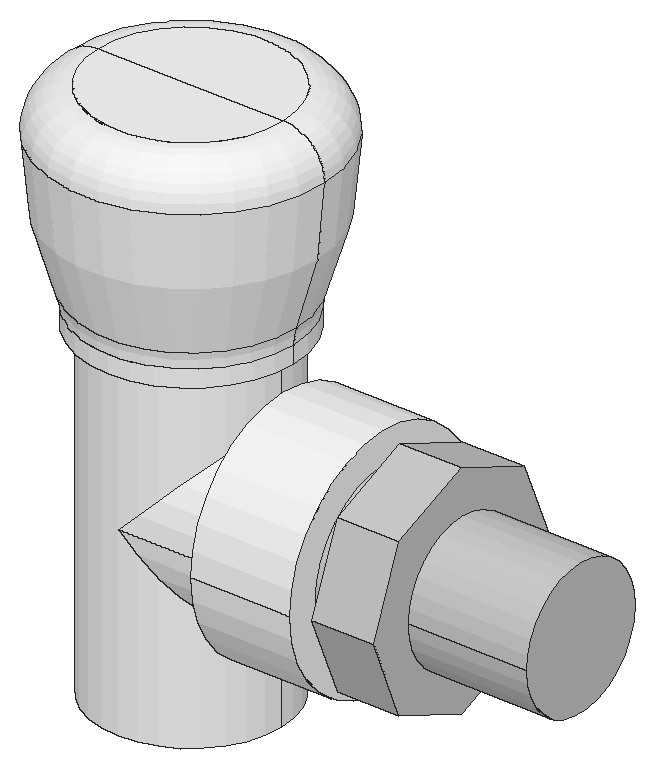
Revit family "PA_Арматура трубопроводов [клапан полипропиленовый со сгоном угловой VTp.718.V]1 - VALTEC", category Арматура трубопроводов, Revit 2019
Family settings
  Размер круглого соединителя = Использовать диаметр
  Тип детали = Клапан - Вставляется
  На основе рабочей плоскости = Нет
  Всегда вертикально = Да
  При загрузке вырезать с полостями = Нет
  Общий = Нет
Parameters (values of type "25 мм х 3/4"")
  Таблица = "PA_Арматура трубопроводов [клапан полипропиленовый со сгоном угловой VTp.718.V] - VALTEC"  # constant formula
  Пользовательский [instance] = no
  Manufacturer = ""
  b2 [instance] = size_lookup(Таблица, "b2", 0 mm, D1, D2)  # 28.1 mm
  d5 [instance] = size_lookup(Таблица, "d5", 0 mm, D1, D2)  # 26.2 mm
  a5 [instance] = size_lookup(Таблица, "a5", 0 mm, D1, D2)  # 8.5 mm
  a3 [instance] = size_lookup(Таблица, "a3", 0 mm, D1, D2)  # 3.3 mm
  a2 [instance] = size_lookup(Таблица, "a2", 0 mm, D1, D2)  # 19.3 mm
  a1 [instance] = size_lookup(Таблица, "a1", 0 mm, D1, D2)  # 18 mm
  b1 [instance] = size_lookup(Таблица, "b1", 0 mm, D1, D2)  # 36 mm
  a4 [instance] = size_lookup(Таблица, "a4", 0 mm, D1, D2)  # 12 mm
  d1 [instance] = size_lookup(Таблица, "d1", 0 mm, D1, D2)  # 35.3 mm
  d4 [instance] = size_lookup(Таблица, "d4", 0 mm, D1, D2)  # 39.5 mm
  d2 [instance] = size_lookup(Таблица, "d2", 0 mm, D1, D2)  # 45 mm
  d3 [instance] = size_lookup(Таблица, "d3", 0 mm, D1, D2)  # 33.3 mm
  D2 [instance] = size_lookup(Таблица, "D2", 0 mm, D1)  # 20 mm
  D1 [instance] = 25 mm
  URL = "https://valtec.ru/"
  B [instance] = size_lookup(Таблица, "B", 0 mm, D1, D2)  # 105.7 mm
  ADSK_Расход жидкости [instance] = 0.0 L/s
  ADSK_Примечание [instance] = ""
  ADSK_Потеря давления жидкости [instance] = 0.0 Pa
  ADSK_Позиция [instance] = ""
  ADSK_Обозначение [instance] = "VTp.718.V"  # constant formula
  ADSK_Наименование [instance] = size_lookup(Таблица, "", "Данный типоразмер отсутствует", D1, D2)  # "Клапан полипропиленовый со сгоном угловой, 25 мм х 3/4\""
  Материал доп.1 = Сталь, нержавеющая - VALTEC
  ADSK_Материал = Белый - VALTEC
  ADSK_Масса [instance] = size_lookup(Таблица, "Масса", 0, D1, D2)  # 0.383
  ADSK_Марка [instance] = size_lookup(Таблица, "Маркировка", "Данный типоразмер отсутствует", D1, D2)  # "VTp.718.V"
  ADSK_Код изделия [instance] = size_lookup(Таблица, "Код продукта", "Данный типоразмер отсутствует", D1, D2)  # "VTp.718.V.02505"
  ADSK_Завод-изготовитель [instance] = "VALTEC"  # constant formula
  ADSK_Единица измерения [instance] = "шт."  # constant formula
  ADSK_URL страницы изделия = "https://valtec.ru/catalog/sistemy_polipropilenovyh_truboprovodov/armatura_dlya_polipropilenovyh_truboprovodov/klapan_polipropilenovyj_uglovoj_vtp718v.html"
  ADSK_URL документации изделия = "https://valtec.ru/document/technical/VTp.717V-718V-0220.pdf"
  A [instance] = size_lookup(Таблица, "A", 0 mm, D1, D2)  # 75.8 mm
Types (3, lengths in mm): name | b2 | d5 | a5 | a3 | a2 | a1 | b1 | a4 | d1 | d4 | d2 | d3 | D2 | D1 | B | ADSK_Наименование | ADSK_Масса | ADSK_Код изделия | A
  (no name) | 28.1 | 26.2 | 8.5 | 3.3 | 19.3 | 18 | 36 | 12 | 35.3 | 39.5 | 45 | 33.3 | 20 | 25 | 105.7 | "Клапан полипропиленовый со сгоном угловой, 25 мм х 3/4\"" | 0.383 | "VTp.718.V.02505" | 75.8
  20 мм х 1/2" | 22.6 | 20.7 | 8 | 0.8 | 16.7 | 15.5 | 30 | 11.5 | 29 | 31.9 | 36 | 26 | 15 | 20 | 88.4 | "Клапан полипропиленовый со сгоном угловой, 20 мм х 1/2\"" | 0.219 | "VTp.718.V.02004" | 63.2
  25 мм х 3/4" | 28.1 | 26.2 | 8.5 | 3.3 | 19.3 | 18 | 36 | 12 | 35.3 | 39.5 | 45 | 33.3 | 20 | 25 | 105.7 | "Клапан полипропиленовый со сгоном угловой, 25 мм х 3/4\"" | 0.383 | "VTp.718.V.02505" | 75.8
Reference planes
  plane 1 "По центру (Вперед/Назад)": y = 0
  plane 2: z = 0
  plane 3 "По центру (Влево/Вправо)": x = 0
  plane 4: x = 52.6
  plane 5: x = 37.3
  plane 6: x = 18
  plane 7: z = 28.1
  plane 8: z = -36
  plane 9 "b": x = 40.6
  plane 10: y = 36
  plane 11: y = -36
  plane 12: z = 69.7
  plane 13: x = 75.8
  plane 14: x = 61.1
Forms (mm)
  Extrusion 1, solid, material "Белый - VALTEC" <- "ADSK_Материал", detail levels medium+fine
    sketch origin (0, 0, 0) x (0, 1, 0) y (0, 0, 1)
      loop
        circle (0, 0) r 17.65
    from 0 to 18
  Extrusion 2, solid, material "Белый - VALTEC" <- "ADSK_Материал", detail levels medium+fine
    sketch origin (0, 0, 0) x (0, 1, 0) y (0, 0, 1)
      loop
        circle (0, 0) r 22.5
    from 18 to 37.3
  Extrusion 3, solid, material "Сталь, нержавеющая - VALTEC" <- "Материал доп.1", detail levels medium+fine
    sketch origin (0, 0, 0) x (0, 1, 0) y (0, 0, 1)
      loop
        circle (0, 0) r 16.65
    from 37.3 to 40.6
  Extrusion 4, solid, material "Сталь, нержавеющая - VALTEC" <- "Материал доп.1", detail levels medium+fine
    sketch origin (0, 0, 0) x (0, 1, 0) y (0, 0, 1)
      loop
        circle (0, 0) r 13.1
    from 52.6 to 75.8
  Extrusion 5, solid, material "Белый - VALTEC" <- "ADSK_Материал", detail levels medium+fine
    sketch origin (0, 0, 0) x (1, 0, 0) y (0, 1, 0)
      loop
        circle (0, 0) r 17.65
    from -36 to 28.1
Cuts and joins
  joined: Extrusion 3, Extrusion 4
  joined: Extrusion 1, Extrusion 2, Extrusion 5
Lines and regions (mm)
  reference lines
    curve 1: line (0, 0, 0) -> (0, 0, -36)
    curve 2: line (0, 0, 0) -> (61.1, 0, 0)
  model lines, detail levels coarse
    curve 3: line (61.1, 0, 22.5) -> (61.1, 0, -22.5)
    curve 4: line (-20, 0, -36) -> (20, 0, -36)
    curve 5: line (20, 0, -36) -> (0, 0, 0)
    curve 6: line (0, 0, 0) -> (-20, 0, -36)
    curve 7: line (61.1, 0, -22.5) -> (0, 0, 0)
    curve 8: line (61.1, 0, 22.5) -> (0, 0, 0)
    curve 9: line (61.1, 0, 0) -> (75.8, 0, 0)
  symbolic lines, style "PipeAccessory", detail levels coarse
    curve 10: line (0, 23.516, 0) -> (0, -23.516, 0)
    curve 11: line (61.1, 23.516, 0) -> (61.1, -23.516, 0)
  symbolic lines, detail levels coarse
    curve 12: line (0, 23.516, 0) -> (61.1, -23.516, 0)
    curve 13: line (61.1, 23.516, 0) -> (0, -23.516, 0)
Dimensions and locks
  "b2": plane 7 to plane 2
  "b1": plane 2 to plane 8
  "b1": plane 11 to plane 1 "По центру (Вперед/Назад)"
  "b1": plane 1 "По центру (Вперед/Назад)" to plane 10
  "B": plane 12 to plane 8
  "a1": plane 6 to plane 3 "По центру (Влево/Вправо)"
  "a2": plane 6 to plane 5
  "a3": plane 5 to plane 9 "b"
  "a4": plane 9 "b" to plane 4
  "A": plane 13 to plane 3 "По центру (Влево/Вправо)"
  "a5": plane 4 to plane 14
  curve 3 to curve 3 = 45 mm
  equal spacing: curve 5, plane 3 "По центру (Влево/Вправо)", curve 6
  curve 6 to curve 5 = 40 mm
  equal spacing: curve 8, plane 2, curve 7
  curve 10 to curve 10 = 47.031 mm
  curve 11 to curve 11 = 47.031 mm
  equal spacing: curve 13, plane 1 "По центру (Вперед/Назад)", curve 12
  equal spacing: curve 12, plane 1 "По центру (Вперед/Назад)", curve 13
  "d1": diameter of Extrusion 1 sketch curve
  "d2": diameter of Extrusion 2 sketch curve
  "d3": diameter of Extrusion 3 sketch curve
  "d5": diameter of Extrusion 4 sketch curve
  "d1": diameter of Extrusion 5 sketch curve
  aligned and locked: level to plane 2
  aligned and locked: plane 1 "По центру (Вперед/Назад)" to Extrusion 1 sketch curve
  aligned and locked: plane 2 to Extrusion 1 sketch curve
  aligned and locked: plane 1 "По центру (Вперед/Назад)" to Extrusion 2 sketch curve
  aligned and locked: plane 2 to Extrusion 2 sketch curve
  aligned and locked: plane 6 to Extrusion 2
  aligned and locked: Extrusion 1 to plane 3 "По центру (Влево/Вправо)"
  aligned and locked: Extrusion 1 to plane 6
  aligned and locked: Extrusion 2 to plane 5
  aligned and locked: plane 2 to Extrusion 3 sketch curve
  aligned and locked: plane 1 "По центру (Вперед/Назад)" to Extrusion 3 sketch curve
  aligned and locked: plane 2 to Extrusion 4 sketch curve
  aligned and locked: plane 1 "По центру (Вперед/Назад)" to Extrusion 4 sketch curve
  aligned and locked: plane 5 to Extrusion 3
  aligned and locked: Extrusion 3 to plane 9 "b"
  aligned and locked: plane 4 to Extrusion 4
  aligned and locked: Extrusion 4 to plane 13
  aligned and locked: plane 1 "По центру (Вперед/Назад)" to nested 1
  aligned and locked: plane 9 "b" to nested 1
  aligned and locked: plane 3 "По центру (Влево/Вправо)" to Extrusion 5 sketch curve
  aligned and locked: plane 1 "По центру (Вперед/Назад)" to Extrusion 5 sketch curve
  aligned and locked: Extrusion 5 to plane 8
  aligned and locked: Extrusion 5 to plane 7
  aligned and locked: plane 1 "По центру (Вперед/Назад)" to nested 2
  aligned and locked: plane 3 "По центру (Влево/Вправо)" to nested 2
  aligned and locked: plane 7 to nested 2
  aligned and locked: plane 8 to curve 1
  aligned and locked: plane 2 to curve 1
  aligned and locked: plane 3 "По центру (Влево/Вправо)" to curve 2
  aligned and locked: plane 14 to curve 2
  aligned and locked: plane 14 to curve 3
  aligned and locked: curve 4 to plane 8
  aligned and locked: plane 3 "По центру (Влево/Вправо)" to curve 8
  aligned and locked: plane 2 to curve 8
  aligned and locked: plane 14 to curve 9
  aligned and locked: plane 13 to curve 9
  aligned and locked: curve 9 to plane 2
  aligned and locked: plane 14 to curve 11
  aligned and locked: curve 10 to plane 3 "По центру (Влево/Вправо)"
Automatic sketch dimensions
  curve 10 to plane 11 = 12.484 mm
  curve 12 to plane 11 = 12.484 mm
Nested families
  nested 1: "Гайка - горизонталь" at (46.6, 0, 0), d <- "d4", l <- "a4", type "Гайка - горизонталь", detail levels medium+fine
    with l2 9.6 mm, l 12 mm, d2 31.6 mm, d 39.5 mm, ADSK_Материал Сталь, нержавеющая - VALTEC
  nested 2: "Колпачек VTp.718.V" at (0, 0, 28.1), type "Колпачек VTp.718.V", detail levels medium+fine
Connectors
  piping at (0, 0, -36), diameter 25, driven by "D1", driven by "ADSK_Расход жидкости", driven by "ADSK_Потеря давления жидкости"
    settings: on curve 1, index 1, connector inside diameter 609.6 mm, connector length 0 mm, flow factor 0, pipe flow 0.0 L/s, pressure drop 0.0 Pa, fitting loss kfactor 0, connector angle 0.00°, fixture units 0, engagement length 0 mm, angle of deflection 0.00°, flow configuration 0, flow direction 0, fitting loss method 4, system type 29, joint type 0, gender type 0, connector reference index 2, connector utility 0, adjustable connector no, is connector primary yes, connector description ""
  piping at (61.1, 0, 0), diameter 20, driven by "D2", driven by "ADSK_Расход жидкости"
    settings: on curve 2, index 2, connector inside diameter 609.6 mm, connector length 0 mm, flow factor 0, pipe flow 0.0 L/s, pressure drop 0.0 Pa, fitting loss kfactor 0, connector angle 0.00°, fixture units 0, engagement length 0 mm, angle of deflection 0.00°, flow configuration 0, flow direction 0, fitting loss method 0, system type 29, joint type 0, gender type 0, connector reference index 1, connector utility 0, adjustable connector no, is connector primary no, connector description ""
Definition of nested family "Гайка - горизонталь"
  Parameters (values of type "Гайка - горизонталь")
    l2 [instance] = l * 80 / 100  # 509.92 mm
    d2 [instance] = d * 80 / 100  # 471.105 mm
    d [instance] = 588.881 mm
    l [instance] = 637.4 mm
    ADSK_Материал [instance] = none
  Reference planes
    plane 1 "По центру (Вперед/Назад)": y = 0
    plane 2: z = 0
    plane 3 "По центру (Влево/Вправо)": x = 0
    plane 4: y = 294.44
    plane 5: y = -294.44
    plane 6: through (0, -912.519, 2972.425) normal (0, -0.9239, -0.3827)
    plane 7: through (0, -1234.338, 2979.956) normal (0, -0.9239, -0.3827)
    plane 8: through (0, -1556.157, 2987.486) normal (0, -0.9239, -0.3827)
    plane 9: through (0, 1234.338, 2979.956) normal (0, -0.9239, 0.3827)
    plane 10: through (0, -2420.114, 1321.144) normal (0, -0.3827, -0.9239)
    plane 11: through (0, -2532.792, 1049.117) normal (0, -0.3827, -0.9239)
    plane 12: through (0, -2645.469, 777.089) normal (0, -0.3827, -0.9239)
    plane 13: through (0, 2420.114, 1321.144) normal (0, -0.3827, 0.9239)
    plane 14: through (0, 2532.792, 1049.117) normal (0, -0.3827, 0.9239)
    plane 15: through (0, 2645.469, 777.089) normal (0, -0.3827, 0.9239)
    plane 16: through (0, 912.519, 2972.425) normal (0, -0.9239, 0.3827)
    plane 17: through (0, 1234.338, 2979.956) normal (0, -0.9239, 0.3827)
    plane 18: through (0, 1556.157, 2987.486) normal (0, -0.9239, 0.3827)
    plane 19: x = 318.7
    plane 20: x = -318.7
  Forms (mm)
    Extrusion 1, solid, material <- "ADSK_Материал"
      sketch origin (0, 0, 0) x (0, 1, 0) y (0, 0, 1)
        loop
          line (0, 318.7) -> (-225.355, 225.355) -> (-318.7, 0) -> (-225.355, -225.355) -> (0, -318.7) -> (225.355, -225.355) -> (318.7, 0) -> (225.355, 225.355) -> (0, 318.7)
      from -318.7 to 318.7
  Lines and regions (mm)
    reference lines
      curve 1: line (0, -112.677, -272.027) -> (0, 112.677, 272.027)
      curve 2: line (0, -272.027, 112.677) -> (0, 272.027, -112.677)
      curve 3: line (-254.96, 0, 0) -> (254.96, 0, 0)
      curve 4: line (-318.7, 235.552, 0) -> (-318.7, -235.552, 0)
  Dimensions and locks
    equal spacing: plane 4, plane 1 "По центру (Вперед/Назад)", plane 5
    "d": plane 4 to plane 5
    equal spacing: plane 8, plane 7, plane 6
    "d": plane 8 to plane 6
    equal spacing: plane 12, plane 11, plane 10
    "d": plane 12 to plane 10
    equal spacing: plane 15, plane 14, plane 13
    "d": plane 15 to plane 13
    equal spacing: plane 18, plane 17, plane 16
    "d": plane 18 to plane 16
    equal spacing: plane 20, plane 3 "По центру (Влево/Вправо)", plane 19
    "l": plane 20 to plane 19
    equal spacing: curve 3, plane 3 "По центру (Влево/Вправо)", curve 3
    "l2": curve 3 to curve 3
    equal spacing: curve 4, plane 1 "По центру (Вперед/Назад)", curve 4
    "d2": curve 4 to curve 4
    aligned and locked: level to plane 2
    aligned and locked: plane 10 to Extrusion 1 sketch curve
    aligned and locked: plane 13 to Extrusion 1 sketch curve
    aligned and locked: plane 16 to Extrusion 1 sketch curve
    aligned and locked: Extrusion 1 sketch curve to plane 8
    aligned and locked: Extrusion 1 sketch curve to plane 12
    aligned and locked: Extrusion 1 sketch curve to plane 15
    aligned and locked: Extrusion 1 sketch curve to plane 18
    aligned and locked: plane 6 to Extrusion 1 sketch curve
    aligned and locked: plane 19 to Extrusion 1
    aligned and locked: plane 20 to Extrusion 1
    aligned and locked: Extrusion 1 to plane 19
    aligned and locked: plane 16 to curve 2
    aligned and locked: plane 18 to curve 2
    aligned and locked: curve 2 to plane 11
    aligned and locked: plane 12 to curve 1
    aligned and locked: plane 10 to curve 1
    aligned and locked: curve 1 to plane 17
    aligned and locked: plane 1 "По центру (Вперед/Назад)" to curve 3
    aligned and locked: plane 20 to curve 4
Definition of nested family "Колпачек VTp.718.V"
  Parameters (values of type "Колпачек VTp.717.V")
    ADSK_Материал = none
  Reference planes
    plane 1 "По центру (Вперед/Назад)": y = 0
    plane 2: z = 0
    plane 3 "По центру (Влево/Вправо)": x = 0
  Forms (mm)
    Revolve 1, solid, material <- "ADSK_Материал"
      sketch origin (0, 0, 0) x (1, 0, 0) y (0, 0, 1)
        loop
          line (0, 41.55) -> (-18, 41.55)
          arc (-18, 41.55) -> (-23.657, 39.207) -> (-26, 33.55) r 8
          arc (-26, 33.55) -> (-24.639, 19.722) -> (-20.608, 6.425) r 70.925
          arc (-20.608, 6.425) -> (-20.154, 4.925) -> (-20, 3.366) r 8
          line (-20, 3.366) -> (-20, 0) -> (0, 0) -> (0, 41.55)
        axis (0, 41.55) -> (0, 0)
      angle from 0 to 360
  Lines and regions (mm)
    reference lines
      curve 1: line (-20, 0, 0) -> (20, 0, 0)
      curve 2: line (0, 20, 0) -> (0, -20, 0)
  Dimensions and locks
    aligned and locked: level to plane 2
    aligned and locked: Revolve 1 sketch curve to plane 3 "По центру (Влево/Вправо)"
